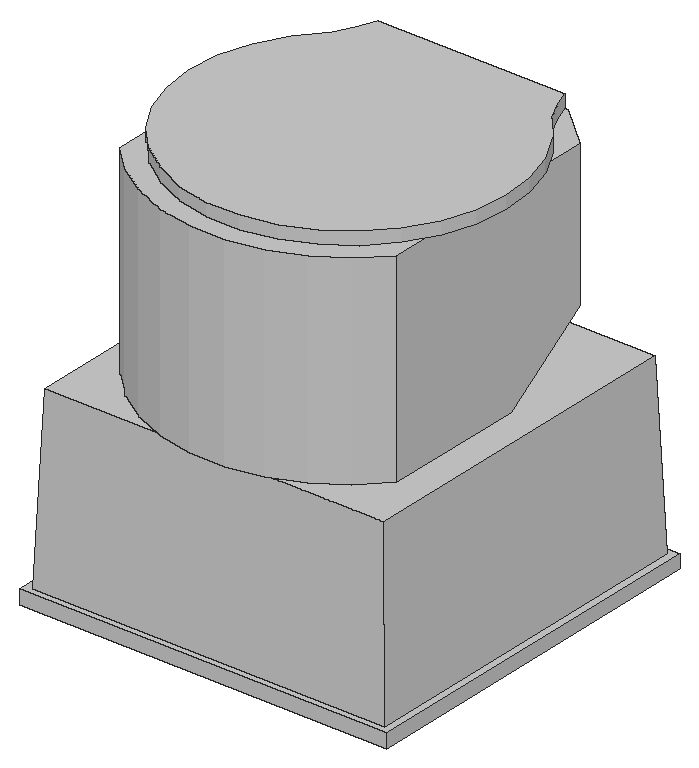
Revit family "LBLE6_SERIE IRON LEGO 06", category Luminarias, Revit 2019
Family settings
  Cota de conector redondo = Diámetro de uso
  Tipo de pieza = Normal
  Se basa en plano de trabajo = Sí
  Siempre vertical = Sí
  Corte con vacíos al cargar = No
  Origen de luz = Sí
  Compartido = No
  Punto de cálculo de habitación = No
Parameters (values of type "IRON LEGO 06_LBLE6 W18W24BCN1F3RG")
  Ángulo de inclinación = 60.00°
  Ángulo de enfoque = 24.00°
  Ángulo de campo de foco = 24.00°
  Zone [instance] = ""
  Watt per fixture = 18
  Wattage = 18 W
  built-in parameter 1150107 = 3000 (stored number, unit not read)
  built-in parameter 1150110 = 1 (stored number, unit not read)
  built-in parameter 1150109 = 1 (stored number, unit not read)
  built-in parameter 1150112 = 1 (stored number, unit not read)
  built-in parameter 1150113 = 1 (stored number, unit not read)
  built-in parameter 1114218 = 1 (stored number, unit not read)
  Keynote = ""
  built-in parameter 1150137 = (empty or 0)
  built-in parameter 1150132 = (empty or 0)
  Modelo = "LBLE6 W18W24BCN1F3RG"
  Lámpara = "Osram"
  Longitud de símbolo de origen de luz = 500 mm
  built-in parameter 1150105 = 17624.6 (stored number, unit not read)
  built-in parameter 1150102 = (empty or 0)
  built-in parameter 1150106 = 176.25 (stored number, unit not read)
  Lumens = 1747.8 lm
  Color Filter = 16777215
  built-in parameter 1114217 = 1 (stored number, unit not read)
  built-in parameter 1150139 = (empty or 0)
  Fabricante = "BRILLANT"
  Default Elevation = 1219.2 mm
  built-in parameter 1150104 = 9.0209 (stored number, unit not read)
  Descripción = "LUMINARIA TIPO CUADRANGULAR CON UN CORTE EXTERNO DE 95X95MM, PARA EMPOTRAR EN TECHO CON INSTALACION ESTANDAR CON 106MM DE LADO POR 114MM DE HOUSING, CUERPO Y ANILLO EN COLOR BLANCO, IP 20 USO PARA INTERIORES, CUENTA CON 1 LED TIPO OSRAM CON UNA POTENCIA TOTAL DE 18W, A UNA TEMPERATURA EN BLANCO CALIDO 3000K, IRC 90, APERTURA A 24 GRADOS, CON LENTE PARA UNA LUZ SUAVE, ALIMENTADA A 100-240V."
  built-in parameter 1150115 = 1 (stored number, unit not read)
  built-in parameter 1150114 = 1 (stored number, unit not read)
  Comentarios de vataje = "100-240V"
  built-in parameter 1150138 = (empty or 0)
  built-in parameter 1150134 = (empty or 0)
  Circuit [instance] = ""
  Dimming Lamp Color Temperature Shift = (empty or 0)
  Ancho = 106 mm
  Altura = 114 mm
  built-in parameter 1150133 = 10 (stored number, unit not read)
Reference planes
  plane 1 "Centro (Frontal/Posterior)": y = 0
  plane 2: z = 0
  plane 3 "Centro (Izquierda/Derecha)": x = 0
Forms (mm)
  Extrusion 1, solid, material "Acero Inoxidable"
    sketch origin (0, 0, 0) x (1, 0, 0) y (0, 1, 0)
      loop
        arc (-40, -33.027) -> (0, -51.83) -> (40, -33.027) r 51.949
        line (40, -33.027) -> (40, 33.266) -> (28.047, 43.847) -> (-28.047, 43.847) -> (-40, 33.266) -> (-40, -33.027)
    from 51.61 to 110.288
  Extrusion 2, void
    sketch origin (0, 3.125, 0) x (1, 0, 0) y (0, 1, 0)
      loop
        line (-21.273, 41.327) -> (-21.273, 16.327) -> (-18.727, 16.327) -> (-18.727, 41.327) -> (-21.273, 41.327)
      loop
        line (-16.273, 41.327) -> (-16.273, 16.327) -> (-13.727, 16.327) -> (-13.727, 41.327) -> (-16.273, 41.327)
      loop
        line (-11.273, 41.327) -> (-11.273, 16.327) -> (-8.727, 16.327) -> (-8.727, 41.327) -> (-11.273, 41.327)
      loop
        line (-6.273, 41.327) -> (-6.273, 16.327) -> (-3.727, 16.327) -> (-3.727, 41.327) -> (-6.273, 41.327)
      loop
        line (-1.273, 41.327) -> (-1.273, 16.327) -> (1.273, 16.327) -> (1.273, 41.327) -> (-1.273, 41.327)
      loop
        line (21.273, 41.327) -> (18.727, 41.327) -> (18.727, 16.327) -> (21.273, 16.327) -> (21.273, 41.327)
      loop
        line (16.273, 41.327) -> (13.727, 41.327) -> (13.727, 16.327) -> (16.273, 16.327) -> (16.273, 41.327)
      loop
        line (11.273, 41.327) -> (8.727, 41.327) -> (8.727, 16.327) -> (11.273, 16.327) -> (11.273, 41.327)
      loop
        line (6.273, 41.327) -> (3.727, 41.327) -> (3.727, 16.327) -> (6.273, 16.327) -> (6.273, 41.327)
    from 75.294 to 110.288
  Extrusion 3, solid, material "Acero Inoxidable"
    sketch origin (0, 0, 0) x (1, 0, 0) y (0, 1, 0)
      loop
        arc (-16.93, 17.939) -> (0, -24.666) -> (16.93, 17.939) r 24.666
        arc (16.93, 17.939) -> (14.891, 22.362) -> (13.696, 27.084) r 26.516
        line (13.696, 27.084) -> (-13.696, 27.084)
        arc (-13.696, 27.084) -> (-14.891, 22.362) -> (-16.93, 17.939) r 26.516
    from 51.61 to 75.294
  Extrusion 4, void
    sketch origin (0, -23.125, -14.805) x (0, 1, 0) y (0, 0, 1)
      loop
        line (67.643, 90.525) -> (31.216, 66.414) -> (67.643, 66.414) -> (67.643, 90.525)
    from -70.147 to 53
  Extrusion 5, solid, material "Acero Inoxidable"
    sketch origin (0, 7.5, 0) x (1, 0, 0) y (0, 1, 0)
      loop
        line (-29.191, 16.014) -> (-29.191, 1.379) -> (29.191, 1.379) -> (29.191, 16.014)
        arc (29.191, 16.014) -> (0, 33.528) -> (-29.191, 16.014) r 33.083
    from 51.61 to 75.72
  Revolve 6, solid, material "Acero Inoxidable", not visible
    sketch origin (0, 0, 0) x (1, 0, 0) y (0, 0, 1)
      loop
        line (-53, 3.693) -> (-53, -3.75) -> (-51.344, -3.75) -> (-36.344, 11.25) -> (0, 11.25) -> (0, 51.82) -> (-49.098, 51.82) -> (-49.098, 3.693) -> (-53, 3.693)
      axis (0, -3.75) -> (0, 51.82)
    angle from 0 to 360
  Extrusion 7, solid, material "Acero Inoxidable", not visible
    sketch origin (0, 0, 0) x (1, 0, 0) y (0, 1, 0)
      loop
        arc (-37.804, -31.327) -> (0, -49.098) -> (37.804, -31.327) r 49.098
        line (37.804, -31.327) -> (37.804, 31.327) -> (26.507, 41.327) -> (-26.507, 41.327) -> (-37.804, 31.327) -> (-37.804, -31.327)
    from 51.82 to 108.492
  Extrusion 8, void, not visible
    sketch origin (0, 0, 0) x (1, 0, 0) y (0, 1, 0)
      loop
        line (-21.273, 41.327) -> (-21.273, 16.327) -> (-18.727, 16.327) -> (-18.727, 41.327) -> (-21.273, 41.327)
      loop
        line (-16.273, 41.327) -> (-16.273, 16.327) -> (-13.727, 16.327) -> (-13.727, 41.327) -> (-16.273, 41.327)
      loop
        line (-11.273, 41.327) -> (-11.273, 16.327) -> (-8.727, 16.327) -> (-8.727, 41.327) -> (-11.273, 41.327)
      loop
        line (-6.273, 41.327) -> (-6.273, 16.327) -> (-3.727, 16.327) -> (-3.727, 41.327) -> (-6.273, 41.327)
      loop
        line (-1.273, 41.327) -> (-1.273, 16.327) -> (1.273, 16.327) -> (1.273, 41.327) -> (-1.273, 41.327)
      loop
        line (21.273, 41.327) -> (18.727, 41.327) -> (18.727, 16.327) -> (21.273, 16.327) -> (21.273, 41.327)
      loop
        line (16.273, 41.327) -> (13.727, 41.327) -> (13.727, 16.327) -> (16.273, 16.327) -> (16.273, 41.327)
      loop
        line (11.273, 41.327) -> (8.727, 41.327) -> (8.727, 16.327) -> (11.273, 16.327) -> (11.273, 41.327)
      loop
        line (6.273, 41.327) -> (3.727, 41.327) -> (3.727, 16.327) -> (6.273, 16.327) -> (6.273, 41.327)
    from 51.82 to 114.316
  Extrusion 9, solid, material "Acero Inoxidable", not visible
    sketch origin (0, 0, 0) x (1, 0, 0) y (0, 1, 0)
      loop
        arc (-27.655, 25.776) -> (0, -37.804) -> (27.655, 25.776) r 37.804
        arc (27.655, 25.776) -> (24.503, 33.265) -> (23.488, 41.327) r 29.844
        line (23.488, 41.327) -> (-23.488, 41.327)
        arc (-23.488, 41.327) -> (-24.503, 33.265) -> (-27.655, 25.776) r 29.844
    from 108.492 to 114.316
  Extrusion 10, void, not visible
    sketch origin (0, 0, 0) x (0, 1, 0) y (0, 0, 1)
      loop
        line (46.026, 75.747) -> (1.026, 51.82) -> (46.026, 51.82) -> (46.026, 75.747)
    from -37.804 to 37.804
  Extrusion 11, solid, material "Acero Inoxidable", not visible
    sketch origin (0, 0, 0) x (1, 0, 0) y (0, 1, 0)
      loop
        line (-32.068, 17.104) -> (-32.068, 1.026) -> (32.068, 1.026) -> (32.068, 17.104)
        arc (32.068, 17.104) -> (0, 36.344) -> (-32.068, 17.104) r 36.344
    from 51.82 to 73.248
  Extrusion 12, solid, material "Acero Inoxidable"
    sketch origin (0, 0, 0) x (1, 0, 0) y (0, 1, 0)
      loop
        line (-53, 53) -> (-53, -53) -> (53, -53) -> (53, 53) -> (-53, 53)
      loop
        line (-51, 51) -> (-51, -51) -> (51, -51) -> (51, 51) -> (-51, 51)
    from -3.973 to 0
  Extrusion 13, solid, material "Acero Inoxidable"
    sketch origin (0, 0, 0) x (1, 0, 0) y (0, 1, 0)
      loop
        arc (-31.573, 33.454) -> (0, -46) -> (31.573, 33.454) r 46
        arc (31.573, 33.454) -> (29.021, 38.521) -> (27.067, 43.847) r 49.449
        line (27.067, 43.847) -> (-27.067, 43.847)
        arc (-27.067, 43.847) -> (-29.021, 38.521) -> (-31.573, 33.454) r 49.449
    from 110.288 to 114
  Blend 14, solid, material "Acero Inoxidable"
    base sketch origin (0, 0, 0) x (1, 0, 0) y (0, 1, 0)
      loop
        line (-51, 51) -> (-51, -51) -> (51, -51) -> (51, 51) -> (-51, 51)
    top sketch origin (0, 0, 0) x (1, 0, 0) y (0, 1, 0)
      loop
        line (-49, 49) -> (-49, -49) -> (49, -49) -> (49, 49) -> (-49, 49)
    from 0 to 51.61
  Blend 15, void
    base sketch origin (0, 0, 0) x (1, 0, 0) y (0, 1, 0)
      loop
        line (-49, 49) -> (-49, -49) -> (49, -49) -> (49, 49) -> (-49, 49)
    top sketch origin (0, 0, 0) x (1, 0, 0) y (0, 1, 0)
      loop
        line (-46, 46) -> (-46, -46) -> (46, -46) -> (46, 46) -> (-46, 46)
    from 0 to 31.176
Cuts and joins
  Extrusion 2, Extrusion 4, Blend 15 cuts Extrusion 1
  Blend 15 cuts Extrusion 3
  Blend 15 cuts Extrusion 5
  joined: Extrusion 1, Extrusion 3, Extrusion 5
  Blend 15 cuts Extrusion 13
  Blend 15 cuts Blend 14
Lines and regions (mm)
  model lines, not visible
    curve 1: circle (0, 0, 0) r 85 normal (0, -1, 0)
Dimensions and locks
  Revolve 6 sketch curve to Revolve 6 sketch curve = 53 mm
  cut or joined group of Extrusion 1, Extrusion 2, Extrusion 3, Extrusion 4, Extrusion 5, Blend 15 to level = 75.294 mm
  equal spacing: Extrusion 12 sketch curve, plane 3 "Centro (Izquierda/Derecha)", Extrusion 12 sketch curve
  equal spacing: Extrusion 12 sketch curve, plane 1 "Centro (Frontal/Posterior)", Extrusion 12 sketch curve
  plane 1 "Centro (Frontal/Posterior)" to Extrusion 12 sketch curve = 53 mm
  "Ancho": Extrusion 12 sketch curve to Extrusion 12 sketch curve  (x2)
  Extrusion 12 sketch curve to plane 3 "Centro (Izquierda/Derecha)" = 53 mm
  Extrusion 12 sketch curve to Extrusion 12 sketch curve = 2 mm  (x4)
  equal spacing: Blend 14 sketch curve, plane 1 "Centro (Frontal/Posterior)", Blend 14 sketch curve
  locked: Blend 15 sketch curve to Extrusion 12 at 2  (x3)
  locked: Extrusion 12 to Blend 15 sketch curve at 2
  "Altura": cut or joined group of Extrusion 13, Blend 15 to level
  equal spacing: Blend 14 sketch curve, plane 3 "Centro (Izquierda/Derecha)", Blend 14 sketch curve
  equal spacing: Blend 15 sketch curve, plane 3 "Centro (Izquierda/Derecha)", Blend 15 sketch curve
  equal spacing: Blend 15 sketch curve, plane 1 "Centro (Frontal/Posterior)", Blend 15 sketch curve
  locked: cut or joined group of Extrusion 13, Blend 15 to cut or joined group of Extrusion 1, Extrusion 2, Extrusion 3, Extrusion 4, Extrusion 5, Blend 15 at 3.712
  Extrusion 12 to Extrusion 12 = 106 mm  (x2)
  aligned and locked: level to plane 2
  aligned and locked: Blend 14 sketch curve to Extrusion 12  (x4)
  aligned and locked: Blend 15 to level
  aligned and locked: Extrusion 1 to cut or joined group of Extrusion 13, Blend 15
  aligned and locked: Extrusion 1 to Extrusion 5
  aligned and locked: Extrusion 1 to Extrusion 2
  aligned and locked: Extrusion 1 to Extrusion 3
Automatic sketch dimensions
  Extrusion 2 sketch curve to plane 1 "Centro (Frontal/Posterior)" = 19.452 mm  (x2)
  Extrusion 2 sketch curve to plane 3 "Centro (Izquierda/Derecha)" = 21.273 mm
  Extrusion 2 sketch curve to Extrusion 2 sketch curve = 2.545 mm  (x8)
  Extrusion 2 sketch curve to Extrusion 2 sketch curve = 2.455 mm  (x7)
  Extrusion 2 sketch curve to plane 3 "Centro (Izquierda/Derecha)" = 1.273 mm
  plane 3 "Centro (Izquierda/Derecha)" to Extrusion 2 sketch curve = 1.273 mm
  Extrusion 2 sketch curve to Extrusion 2 sketch curve = 0 mm  (x15)
  Extrusion 2 sketch curve to Extrusion 2 sketch curve = 25 mm
  Extrusion 4 sketch curve to plane 1 "Centro (Frontal/Posterior)" = 8.091 mm
  Extrusion 4 sketch curve to Extrusion 4 sketch curve = 36.427 mm
  level to Extrusion 4 sketch curve = 51.61 mm
  Extrusion 4 sketch curve to Extrusion 4 sketch curve = 24.111 mm
  plane 1 "Centro (Frontal/Posterior)" to Extrusion 3 sketch curve = 0 mm
  Extrusion 3 sketch curve to plane 3 "Centro (Izquierda/Derecha)" = 0 mm
  Extrusion 3 sketch curve to plane 3 "Centro (Izquierda/Derecha)" = 13.696 mm
  Extrusion 3 sketch curve to Extrusion 3 sketch curve = 26.194 mm  (x2)
  plane 3 "Centro (Izquierda/Derecha)" to Extrusion 3 sketch curve = 13.696 mm
  Extrusion 3 sketch curve to plane 1 "Centro (Frontal/Posterior)" = 27.084 mm
  Extrusion 3 sketch curve to Extrusion 3 sketch curve = 4.118 mm  (x2)
  Extrusion 3 sketch curve to Extrusion 3 sketch curve = 3.234 mm
  Extrusion 5 sketch curve to plane 3 "Centro (Izquierda/Derecha)" = 0 mm
  Extrusion 5 sketch curve to plane 1 "Centro (Frontal/Posterior)" = 8.879 mm
  Extrusion 5 sketch curve to plane 3 "Centro (Izquierda/Derecha)" = 29.191 mm
  Extrusion 5 sketch curve to plane 1 "Centro (Frontal/Posterior)" = 23.514 mm
  plane 3 "Centro (Izquierda/Derecha)" to Extrusion 5 sketch curve = 29.191 mm
  Extrusion 5 sketch curve to plane 1 "Centro (Frontal/Posterior)" = 7.945 mm
  Blend 14 sketch curve to plane 3 "Centro (Izquierda/Derecha)" = 49 mm
  plane 1 "Centro (Frontal/Posterior)" to Blend 14 sketch curve = 49 mm
  Blend 15 sketch curve to plane 3 "Centro (Izquierda/Derecha)" = 46 mm
  plane 1 "Centro (Frontal/Posterior)" to Blend 15 sketch curve = 46 mm
  Extrusion 1 sketch curve to plane 3 "Centro (Izquierda/Derecha)" = 0 mm
  Extrusion 1 sketch curve to plane 3 "Centro (Izquierda/Derecha)" = 28.047 mm
  Extrusion 1 sketch curve to plane 3 "Centro (Izquierda/Derecha)" = 40 mm
  plane 3 "Centro (Izquierda/Derecha)" to Extrusion 1 sketch curve = 28.047 mm
  Extrusion 1 sketch curve to Extrusion 1 sketch curve = 11.953 mm
  plane 1 "Centro (Frontal/Posterior)" to Extrusion 1 sketch curve = 33.027 mm
  Extrusion 1 sketch curve to plane 1 "Centro (Frontal/Posterior)" = 0.119 mm
  Extrusion 1 sketch curve to plane 1 "Centro (Frontal/Posterior)" = 33.266 mm  (x2)
  Extrusion 1 sketch curve to Extrusion 1 sketch curve = 10.581 mm
  plane 1 "Centro (Frontal/Posterior)" to Extrusion 13 sketch curve = 0 mm
  Extrusion 13 sketch curve to plane 3 "Centro (Izquierda/Derecha)" = 0 mm
  Extrusion 13 sketch curve to plane 3 "Centro (Izquierda/Derecha)" = 27.067 mm
  Extrusion 13 sketch curve to Extrusion 13 sketch curve = 47.323 mm  (x2)
  plane 3 "Centro (Izquierda/Derecha)" to Extrusion 13 sketch curve = 27.067 mm
  Extrusion 13 sketch curve to plane 1 "Centro (Frontal/Posterior)" = 43.847 mm
  Extrusion 13 sketch curve to Extrusion 13 sketch curve = 14.342 mm  (x2)
  Extrusion 13 sketch curve to Extrusion 13 sketch curve = 4.505 mm
Connectors
  electrical at (0, 38.65, 114)
    settings: on cut or joined group of Extrusion 13, Blend 15, index 1, voltage 240 V, apparent load 0 VA, apparent load phase1 0 VA, apparent load phase2 0 VA, apparent load phase3 0 VA, power factor 1, load classification "Otro", number of poles 1, system type 31, power factor state 1, is connector primary yes, connector utility no, sub classification motor no, connector description ""
